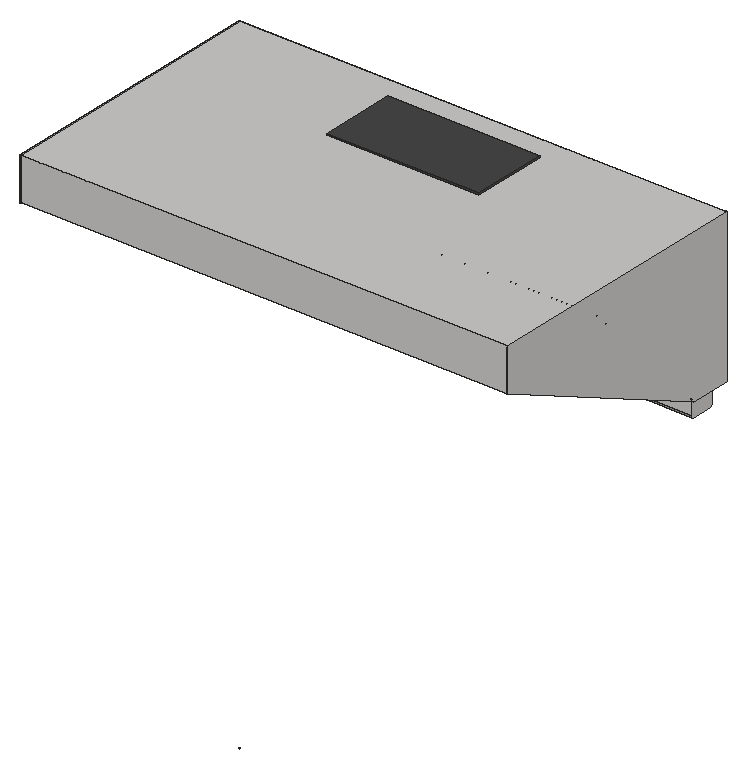
Revit family "QF_ELECTROLUXPROFESSIONAL_642287_MP916BT", category Specialty Equipment, Revit 2014
Reference planes
  plane 1: z = 0
  plane 2 "Center (Left/Right)": x = 150
  plane 3 "LEFT": x = -650
  plane 4 "RIGHT": x = 950
  plane 5 "BACK": y = 550
  plane 6 "Plane": z = 2000
  plane 7 "TOP": z = 2140
  plane 8 "Base": z = 1640
  plane 9: z = 1566
  plane 10 "DrainY": y = 485
  plane 11: x = -647
  plane 12: through (0, 414.509, 1640.8) normal (0, 0.7314, 0.682)
  plane 13: y = 470
  plane 14: y = 220
  plane 15 "DrainX": x = 830
  plane 16: x = -100
  plane 17: x = 400
  plane 18: x = 947
  plane 19: x = 740
  plane 20: x = 920
  plane 21: x = -450
  plane 22: x = 750
  plane 23: x = -47.5
  plane 24: x = 347.5
  plane 25 "Center (Front/Back)": y = 100
  plane 26: y = -350
Forms (mm)
  Extrusion 1, solid, material "QF_Finishes_Stainless Steel"
    sketch origin (-650, 0, 0) x (0, 1, 0) y (0, 0, 1)
      loop
        line (550, 1640) -> (550, 2140) -> (-350, 2140) -> (-350, 1998.603) -> (413.973, 1640) -> (550, 1640)
    from 0 to 3
  Extrusion 2, solid, material "QF_Finishes_Stainless Steel"
    sketch origin (150, 0, 0) x (0, 1, 0) y (0, 0, 1)
      loop
        line (415.255, 1640) -> (550, 1640) -> (550, 2139.19) -> (549.2, 2139.19) -> (549.2, 1640.8) -> (415.876, 1640.8) -> (339.347, 1722.867) -> (349.609, 1732.436) -> (348.927, 1733.167) -> (337.934, 1722.917) -> (415.255, 1640)
      loop
        line (-82.203, 2139.19) -> (-82.203, 2118.6) -> (-31.047, 2118.6) -> (34.354, 2048.466) -> (46.028, 2059.352) -> (45.346, 2060.083) -> (34.403, 2049.879) -> (-30.612, 2119.6) -> (-81.203, 2119.6) -> (-81.203, 2139.19) -> (-82.203, 2139.19)
    from -797 to 797
  Extrusion 3, solid, material "QF_Finishes_Stainless Steel"
    sketch origin (950, 0, 0) x (0, 1, 0) y (0, 0, 1)
      loop
        line (550, 1640) -> (550, 2140) -> (-350, 2140) -> (-350, 1998.603) -> (413.973, 1640) -> (550, 1640)
    from 0 to -3
  Extrusion 4, solid, material "QF_Finishes_Stainless Steel"
    sketch origin (150, 0, 0) x (0, 1, 0) y (0, 0, 1)
      loop
        line (-350, 2140) -> (-350, 2000) -> (-349.2, 2000) -> (-349.2, 2139.19) -> (550, 2139.19) -> (550, 2140) -> (-350, 2140)
    from -800 to 800
  Extrusion 5, solid, material "QF_Finishes_Stainless Steel"
    sketch origin (150, 0, 0) x (0, 1, 0) y (0, 0, 1)
      loop
        line (534, 1640) -> (436, 1640) -> (436, 1627) -> (443.5, 1627) -> (443.5, 1576)
        arc (443.5, 1576) -> (446.429, 1568.929) -> (453.5, 1566) r 10
        line (453.5, 1566) -> (516.5, 1566)
        arc (516.5, 1566) -> (523.571, 1568.929) -> (526.5, 1576) r 10
        line (526.5, 1576) -> (526.5, 1627) -> (534, 1627) -> (534, 1640)
    from 590 to 770
  Extrusion 6, solid, material "QF_Finishes_Stainless Steel"
    sketch origin (0, 0, 1640) x (0, 1, 0) y (-1, 0, 0)
      loop
        circle (485, -830) r 20
    from -76 to -74
  Extrusion 7, solid, material "QF_Finished_Chrome"
    sketch origin (150, 0, 0) x (0, 1, 0) y (0, 0, 1)
      loop
        line (337.934, 1722.917) -> (341.591, 1726.327) -> (38.011, 2051.876) -> (34.354, 2048.466) -> (337.934, 1722.917)
    from -197.5 to -600
  Extrusion 8, solid, material "QF_Finishes_Stainless Steel"
    sketch origin (150, 0, 0) x (0, 1, 0) y (0, 0, 1)
      loop
        line (337.934, 1722.917) -> (341.591, 1726.327) -> (38.011, 2051.876) -> (34.354, 2048.466) -> (337.934, 1722.917)
    from 797 to 600
  Extrusion 9, solid, material "QF_Finished_Chrome"
    sketch origin (150, 0, 0) x (0, 1, 0) y (0, 0, 1)
      loop
        line (341.588, 1726.324) -> (38.009, 2051.874) -> (34.354, 2048.466) -> (337.934, 1722.917) -> (341.588, 1726.324)
    from 197.5 to 600
  Extrusion 10, solid, material "QF_Finishes_Black"
    sketch origin (0, 0, 2140) x (0, 1, 0) y (-1, 0, 0)
      loop
        line (470, -400) -> (470, 100) -> (220, 100) -> (220, -400) -> (470, -400)
    from 5 to 0
  Extrusion 11, solid, material "QF_Finishes_Stainless Steel"
    sketch origin (0, 0, 0) x (1, 0, 0) y (0, 1, 0)
      loop
        line (-650, 550) -> (-650, 549) -> (-649, 549) -> (-649, 550) -> (-650, 550)
    from 0 to 1
  Extrusion 12, solid, material "QF_Finishes_Stainless Steel"
    sketch origin (150, 0, 0) x (0, 1, 0) y (0, 0, 1)
      loop
        line (337.934, 1722.917) -> (341.591, 1726.327) -> (38.011, 2051.876) -> (34.354, 2048.466) -> (337.934, 1722.917)
    from -600 to -797
  Extrusion 13, solid, material "QF_Finishes_Stainless Steel"
    sketch origin (150, 0, 0) x (0, 1, 0) y (0, 0, 1)
      loop
        line (337.934, 1722.917) -> (341.591, 1726.327) -> (38.011, 2051.876) -> (34.354, 2048.466) -> (337.934, 1722.917)
    from 197.5 to -197.5
Cuts and joins
  joined: Extrusion 2, Extrusion 4
Lines and regions (mm)
  reference lines
    curve 1: line (150, 34.354, 2048.466) -> (150, 34.354, 1888.466)
  symbolic lines, style "SpecialityEquipment", detail levels coarse
    curve 2: line (950, 550, 2140) -> (-650, 550, 2140)
    curve 3: line (-650, 550, 2140) -> (-650, -350, 2140)
    curve 4: line (950, -350, 2140) -> (950, 550, 2140)
    curve 5: line (-650, -350, 2140) -> (950, -350, 2140)
    curve 6: line (400, 220, 2140) -> (-100, 220, 2140)
    curve 7: line (400, 470, 2140) -> (400, 220, 2140)
    curve 8: line (-100, 470, 2140) -> (400, 470, 2140)
    curve 9: line (-100, 220, 2140) -> (-100, 470, 2140)
    curve 10: line (-650, 550, 0) -> (950, -350, 0)
    curve 11: line (950, 550, 0) -> (-650, -350, 0)
Dimensions and locks
  plane 3 "LEFT" to plane 4 "RIGHT" = 1600 mm
  equal spacing: plane 3 "LEFT", plane 2 "Center (Left/Right)", plane 4 "RIGHT"
  locked: plane 6 "Plane" to level at 2000
  plane 7 "TOP" to plane 6 "Plane" = 140 mm
  locked: plane 7 "TOP" to plane 8 "Base" at 500
  plane 8 "Base" to plane 9 = 74 mm
  plane 5 "BACK" to plane 10 "DrainY" = 65 mm  (x2)
  plane 3 "LEFT" to plane 11 = 3 mm
  plane 5 "BACK" to plane 13 = 80 mm
  plane 13 to plane 14 = 250 mm  (x2)
  plane 15 "DrainX" to plane 4 "RIGHT" = 120 mm
  plane 18 to plane 4 "RIGHT" = 3 mm
  locked: plane 19 to plane 15 "DrainX" at 90
  locked: plane 15 "DrainX" to plane 20 at 90
  plane 13 to plane 5 "BACK" = 80 mm
  plane 3 "LEFT" to plane 21 = 200 mm
  plane 22 to plane 4 "RIGHT" = 200 mm
  locked: plane 23 to plane 24 at 395
  equal spacing: plane 23, plane 2 "Center (Left/Right)", plane 24
  locked: plane 16 to plane 17 at 500
  equal spacing: plane 16, plane 2 "Center (Left/Right)", plane 17
  locked: plane 5 "BACK" to plane 26 at 900
  equal spacing: plane 5 "BACK", plane 25 "Center (Front/Back)", plane 26
  plane 14 to plane 26 = 570 mm
  plane 5 "BACK" to plane 26 = 900 mm
  aligned and locked: level to plane 1
  aligned and locked: Extrusion 2 to Extrusion 1
  aligned and locked: Extrusion 2 to Extrusion 3
  aligned and locked: plane 4 "RIGHT" to Extrusion 4
  aligned and locked: Extrusion 4 to plane 3 "LEFT"
  aligned and locked: plane 18 to Extrusion 8
  aligned and locked: Extrusion 10 to plane 16
  aligned and locked: Extrusion 10 to plane 14
  aligned and locked: Extrusion 10 to plane 13
  aligned and locked: Extrusion 2 to Extrusion 4
  aligned and locked: plane 20 to Extrusion 5
  aligned and locked: Extrusion 5 to plane 19
  aligned and locked: Extrusion 8 to plane 22
  aligned and locked: Extrusion 9 to plane 22
  aligned and locked: Extrusion 7 to plane 21
  aligned and locked: Extrusion 12 to plane 11
  aligned and locked: plane 21 to Extrusion 12
  aligned and locked: Extrusion 3 to plane 18
  aligned and locked: Extrusion 10 to plane 17
  aligned and locked: plane 17 to curve 7
  aligned and locked: plane 24 to Extrusion 13
  aligned and locked: Extrusion 13 to plane 23
  aligned and locked: Extrusion 9 to plane 24
Automatic sketch dimensions
  curve 5 to plane 4 "RIGHT" = 0 mm
  curve 6 to plane 14 = 0 mm
  plane 13 to curve 8 = 0 mm
  curve 3 to plane 3 "LEFT" = 0 mm
  curve 3 to plane 5 "BACK" = 0 mm
  curve 6 to plane 16 = 0 mm
  Extrusion 2 sketch curve to plane 12 = 0 mm  (x3)
  Extrusion 2 sketch curve to plane 8 "Base" = 0 mm
  plane 12 to Extrusion 2 sketch curve = 0 mm
  Extrusion 2 sketch curve to plane 5 "BACK" = 0 mm
  Extrusion 2 sketch curve to Extrusion 2 sketch curve = 65.646 mm
  Extrusion 2 sketch curve to Extrusion 2 sketch curve = 0.682 mm  (x2)
  Extrusion 2 sketch curve to Extrusion 2 sketch curve = 10.261 mm
  plane 8 "Base" to Extrusion 2 sketch curve = 82.917 mm
  Extrusion 2 sketch curve to Extrusion 2 sketch curve = 10.942 mm
  Extrusion 2 sketch curve to Extrusion 2 sketch curve = 0.049 mm
  Extrusion 2 sketch curve to plane 7 "TOP" = 20.4 mm
  Extrusion 2 sketch curve to plane 7 "TOP" = 21.4 mm
  Extrusion 2 sketch curve to plane 7 "TOP" = 0.81 mm  (x2)
  Extrusion 2 sketch curve to Extrusion 2 sketch curve = 50.156 mm
  Extrusion 2 sketch curve to Extrusion 2 sketch curve = 1 mm
  plane 8 "Base" to Extrusion 2 sketch curve = 0.8 mm
  Extrusion 2 sketch curve to plane 5 "BACK" = 0.8 mm
  Extrusion 4 sketch curve to plane 6 "Plane" = 0 mm
  Extrusion 4 sketch curve to plane 5 "BACK" = 0 mm
  Extrusion 4 sketch curve to plane 7 "TOP" = 0 mm
  Extrusion 4 sketch curve to plane 7 "TOP" = 0.81 mm
  curve 1 to plane 12 = 0 mm
  curve 1 to plane 6 "Plane" = 111.534 mm
  Extrusion 5 sketch curve to plane 8 "Base" = 0 mm
  Extrusion 5 sketch curve to plane 9 = 0 mm
  Extrusion 5 sketch curve to plane 8 "Base" = 13 mm  (x2)
  plane 13 to Extrusion 5 sketch curve = 34 mm
  Extrusion 5 sketch curve to Extrusion 5 sketch curve = 7.5 mm  (x2)
  Extrusion 5 sketch curve to Extrusion 5 sketch curve = 10 mm
  plane 10 "DrainY" to Extrusion 5 sketch curve = 31.5 mm
  Extrusion 5 sketch curve to plane 5 "BACK" = 23.5 mm
  Extrusion 6 sketch curve to plane 10 "DrainY" = 0 mm
  Extrusion 6 sketch curve to plane 15 "DrainX" = 0 mm
  Extrusion 7 sketch curve to plane 12 = 0 mm  (x2)
  Extrusion 7 sketch curve to Extrusion 7 sketch curve = 3.657 mm
  plane 8 "Base" to Extrusion 7 sketch curve = 82.917 mm
  Extrusion 8 sketch curve to plane 12 = 0 mm  (x2)
  Extrusion 8 sketch curve to Extrusion 8 sketch curve = 3.657 mm
  plane 8 "Base" to Extrusion 8 sketch curve = 82.917 mm
  Extrusion 9 sketch curve to plane 12 = 0 mm  (x2)
  Extrusion 9 sketch curve to Extrusion 9 sketch curve = 3.655 mm
  plane 8 "Base" to Extrusion 9 sketch curve = 82.917 mm
  Extrusion 10 sketch curve to plane 14 = 0 mm
  plane 13 to Extrusion 10 sketch curve = 0 mm
  Extrusion 10 sketch curve to plane 17 = 0 mm
  Extrusion 10 sketch curve to plane 16 = 0 mm
  Extrusion 11 sketch curve to plane 3 "LEFT" = 0 mm
  Extrusion 11 sketch curve to plane 5 "BACK" = 0 mm
  plane 3 "LEFT" to Extrusion 11 sketch curve = 1 mm
  Extrusion 11 sketch curve to Extrusion 11 sketch curve = 1 mm
  Extrusion 12 sketch curve to plane 12 = 0 mm  (x2)
  Extrusion 12 sketch curve to Extrusion 12 sketch curve = 3.657 mm
  plane 8 "Base" to Extrusion 12 sketch curve = 82.917 mm
  Extrusion 13 sketch curve to plane 12 = 0 mm  (x2)
  Extrusion 13 sketch curve to Extrusion 13 sketch curve = 3.657 mm
  plane 8 "Base" to Extrusion 13 sketch curve = 82.917 mm
  Extrusion 4 sketch curve to Extrusion 4 sketch curve = 0.8 mm
  curve 5 to plane 14 = 570 mm
  plane 6 "Plane" to Extrusion 2 sketch curve = 48.466 mm
  Extrusion 4 sketch curve to plane 14 = 569.2 mm
  curve 1 to plane 14 = 185.646 mm
  plane 6 "Plane" to Extrusion 7 sketch curve = 51.876 mm
  plane 6 "Plane" to Extrusion 8 sketch curve = 51.876 mm
  plane 6 "Plane" to Extrusion 9 sketch curve = 51.874 mm
  plane 6 "Plane" to Extrusion 12 sketch curve = 51.876 mm
  plane 6 "Plane" to Extrusion 13 sketch curve = 51.876 mm
  Extrusion 3 sketch curve to plane 5 "BACK" = 0 mm
  Extrusion 1 sketch curve to plane 26 = 0 mm
  Extrusion 1 sketch curve to plane 8 "Base" = 0 mm
  Extrusion 1 sketch curve to plane 5 "BACK" = 0 mm
  Extrusion 1 sketch curve to plane 7 "TOP" = 0 mm
  plane 13 to Extrusion 1 sketch curve = 56.027 mm
  Extrusion 1 sketch curve to plane 6 "Plane" = 1.397 mm
  Extrusion 3 sketch curve to plane 8 "Base" = 0 mm
  plane 13 to Extrusion 3 sketch curve = 56.027 mm
  Extrusion 3 sketch curve to plane 26 = 0 mm
  Extrusion 3 sketch curve to plane 6 "Plane" = 1.397 mm
  Extrusion 3 sketch curve to plane 7 "TOP" = 0 mm
  curve 11 to plane 3 "LEFT" = 0 mm
  curve 10 to plane 3 "LEFT" = 0 mm
  curve 11 to plane 4 "RIGHT" = 0 mm
  curve 10 to plane 4 "RIGHT" = 0 mm
  curve 10 to plane 26 = 0 mm
  curve 11 to plane 26 = 0 mm
  curve 11 to plane 5 "BACK" = 0 mm
  curve 10 to plane 5 "BACK" = 0 mm
  radius of Extrusion 6 sketch curve = 20 mm
Connectors
  piping at (830, 485, 1564), diameter 20
    settings: on Extrusion 6, index 1, connector inside diameter 609.6 mm, connector length 0 mm, flow factor 0, pipe flow 0.0 L/s, pressure drop 0.0 Pa, fitting loss kfactor 0, connector angle 0.00°, fixture units 0, engagement length 0 mm, angle of deflection 0.00°, flow configuration 1, flow direction 2, fitting loss method 0, system type 16, joint type 0, gender type 0, connector reference index -1, connector utility 0, adjustable connector no, is connector primary yes, connector description "Drain"
  hvac at (150, 345, 2145)
    settings: on Extrusion 10, index 2, duct flow 0.0 L/s, flow factor 0, pres drop 0.0 Pa, loss coef 0, conn angle 0.00°, conn width 250 mm, conn height 500 mm, conn diameter 609.6 mm, duct sys type 3, conn prof type 1, flow config 1, flow direction 0, loss method 0, conn ref index -1, conn util no, is conn primary yes, conn desc "EXHAUST OUTLET"
